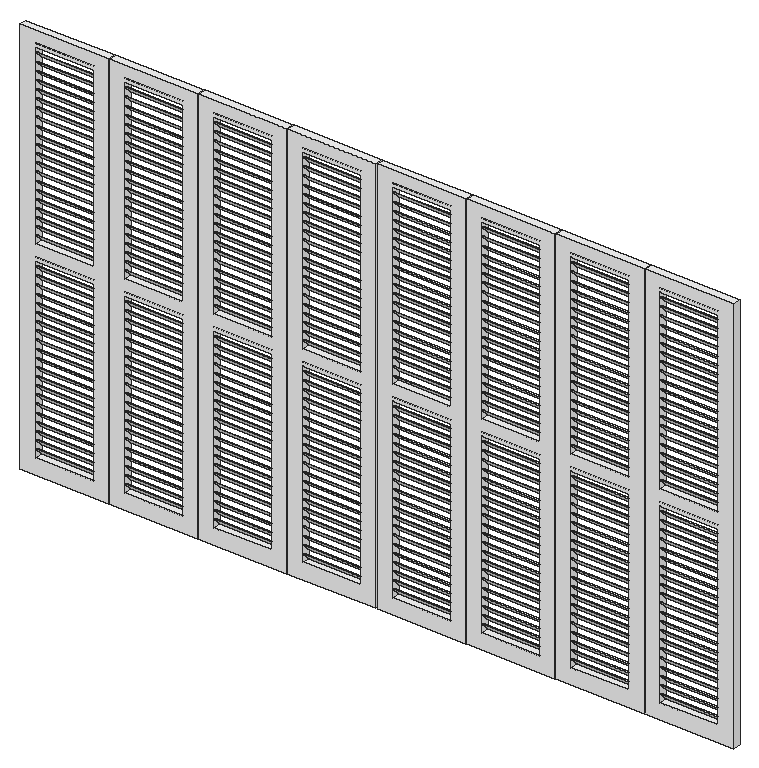
Revit family "WST_A3-Closed-Shutter-2500", category Generic Models, host Wall, Revit 2016
Family settings
  Host = Wall
  Part Type = Normal
  Can host rebar = No
  Round Connector Dimension = Use Diameter
  Always vertical = Yes
  Cut with Voids When Loaded = No
  Shared = No
  Room Calculation Point = No
Parameters (values of type "4655mm Wide")
  Width = 4655 mm
  Height = 2600 mm
  Assembly Code = ""
Reference planes
  plane 1 "Wall": y = 0
  plane 2 "Center (Left/Right)": x = 125
  plane 3 "Back": y = 57.5
  plane 4: x = -2202.5
  plane 5: x = 2452.5
  plane 6: z = 2600
  plane 7: y = 57.5
  plane 8: y = 0
  plane 9: z = 2600
  plane 10: z = 1250
  plane 11: z = 1350
  plane 12: z = 1250
  plane 13: z = 1350
  plane 14: z = 1250
  plane 15: z = 1350
  plane 16: z = 1250
  plane 17: z = 1350
  plane 18: z = 1250
  plane 19: z = 1350
  plane 20: z = 1250
  plane 21: z = 1350
  plane 22: z = 1250
  plane 23: z = 1350
  plane 24: z = 1250
  plane 25: z = 1350
  plane 26: z = 1250
  plane 27: z = 1350
Forms (mm)
  Extrusion 1, solid, material "Timber Shutter - Frame"
    sketch origin (-1411.194, 0, 0) x (-1, 0, 0) y (0, 0, 1)
      loop
        line (211.306, 0) -> (791.306, 0) -> (791.306, 2600) -> (211.306, 2600) -> (211.306, 0)
      loop
        line (311.306, 100) -> (691.306, 100) -> (691.306, 1250) -> (311.306, 1250) -> (311.306, 100)
      loop
        line (691.306, 2500) -> (311.306, 2500) -> (311.306, 1350) -> (691.306, 1350) -> (691.306, 2500)
    from 0 to 50
  Extrusion 2, solid, material "Timber Shutter - Louvre"
    sketch origin (-1722.5, -125, 0) x (0, -1, 0) y (0, 0, 1)
      loop
        line (-175, 100) -> (-125, 150) -> (-128.536, 153.536) -> (-178.536, 103.536) -> (-175, 100)
      loop
        line (-175, 153.536) -> (-125, 203.536) -> (-128.536, 207.071) -> (-178.536, 157.071) -> (-175, 153.536)
      loop
        line (-175, 207.071) -> (-125, 257.071) -> (-128.536, 260.607) -> (-178.536, 210.607) -> (-175, 207.071)
      loop
        line (-175, 260.607) -> (-125, 310.607) -> (-128.536, 314.142) -> (-178.536, 264.142) -> (-175, 260.607)
      loop
        line (-175, 314.142) -> (-125, 364.142) -> (-128.536, 367.678) -> (-178.536, 317.678) -> (-175, 314.142)
      loop
        line (-175, 367.678) -> (-125, 417.678) -> (-128.536, 421.213) -> (-178.536, 371.213) -> (-175, 367.678)
      loop
        line (-175, 421.213) -> (-125, 471.213) -> (-128.536, 474.749) -> (-178.536, 424.749) -> (-175, 421.213)
      loop
        line (-175, 474.749) -> (-125, 524.749) -> (-128.536, 528.284) -> (-178.536, 478.284) -> (-175, 474.749)
      loop
        line (-175, 528.284) -> (-125, 578.284) -> (-128.536, 581.82) -> (-178.536, 531.82) -> (-175, 528.284)
      loop
        line (-175, 581.82) -> (-125, 631.82) -> (-128.536, 635.355) -> (-178.536, 585.355) -> (-175, 581.82)
      loop
        line (-175, 635.355) -> (-125, 685.355) -> (-128.536, 688.891) -> (-178.536, 638.891) -> (-175, 635.355)
      loop
        line (-175, 688.891) -> (-125, 738.891) -> (-128.536, 742.426) -> (-178.536, 692.426) -> (-175, 688.891)
      loop
        line (-175, 742.426) -> (-125, 792.426) -> (-128.536, 795.962) -> (-178.536, 745.962) -> (-175, 742.426)
      loop
        line (-175, 795.962) -> (-125, 845.962) -> (-128.536, 849.497) -> (-178.536, 799.497) -> (-175, 795.962)
      loop
        line (-175, 849.497) -> (-125, 899.497) -> (-128.536, 903.033) -> (-178.536, 853.033) -> (-175, 849.497)
      loop
        line (-175, 903.033) -> (-125, 953.033) -> (-128.536, 956.569) -> (-178.536, 906.569) -> (-175, 903.033)
      loop
        line (-175, 956.569) -> (-125, 1006.569) -> (-128.536, 1010.104) -> (-178.536, 960.104) -> (-175, 956.569)
      loop
        line (-175, 1010.104) -> (-125, 1060.104) -> (-128.536, 1063.64) -> (-178.536, 1013.64) -> (-175, 1010.104)
      loop
        line (-175, 1063.64) -> (-125, 1113.64) -> (-128.536, 1117.175) -> (-178.536, 1067.175) -> (-175, 1063.64)
      loop
        line (-175, 1117.175) -> (-125, 1167.175) -> (-128.536, 1170.711) -> (-178.536, 1120.711) -> (-175, 1117.175)
      loop
        line (-175, 1170.711) -> (-125, 1220.711) -> (-128.536, 1224.246) -> (-178.536, 1174.246) -> (-175, 1170.711)
      loop
        line (-175, 1224.246) -> (-125, 1274.246) -> (-128.536, 1277.782) -> (-178.536, 1227.782) -> (-175, 1224.246)
      loop
        line (-175, 1457.071) -> (-125, 1507.071) -> (-128.536, 1510.607) -> (-178.536, 1460.607) -> (-175, 1457.071)
      loop
        line (-175, 1510.607) -> (-125, 1560.607) -> (-128.536, 1564.142) -> (-178.536, 1514.142) -> (-175, 1510.607)
      loop
        line (-175, 1564.142) -> (-125, 1614.142) -> (-128.536, 1617.678) -> (-178.536, 1567.678) -> (-175, 1564.142)
      loop
        line (-175, 1617.678) -> (-125, 1667.678) -> (-128.536, 1671.213) -> (-178.536, 1621.213) -> (-175, 1617.678)
      loop
        line (-175, 1671.213) -> (-125, 1721.213) -> (-128.536, 1724.749) -> (-178.536, 1674.749) -> (-175, 1671.213)
      loop
        line (-175, 1724.749) -> (-125, 1774.749) -> (-128.536, 1778.284) -> (-178.536, 1728.284) -> (-175, 1724.749)
      loop
        line (-175, 1778.284) -> (-125, 1828.284) -> (-128.536, 1831.82) -> (-178.536, 1781.82) -> (-175, 1778.284)
      loop
        line (-175, 1831.82) -> (-125, 1881.82) -> (-128.536, 1885.355) -> (-178.536, 1835.355) -> (-175, 1831.82)
      loop
        line (-175, 1885.355) -> (-125, 1935.355) -> (-128.536, 1938.891) -> (-178.536, 1888.891) -> (-175, 1885.355)
      loop
        line (-175, 1938.891) -> (-125, 1988.891) -> (-128.536, 1992.426) -> (-178.536, 1942.426) -> (-175, 1938.891)
      loop
        line (-175, 1992.426) -> (-125, 2042.426) -> (-128.536, 2045.962) -> (-178.536, 1995.962) -> (-175, 1992.426)
      loop
        line (-175, 2045.962) -> (-125, 2095.962) -> (-128.536, 2099.497) -> (-178.536, 2049.497) -> (-175, 2045.962)
      loop
        line (-175, 2099.497) -> (-125, 2149.497) -> (-128.536, 2153.033) -> (-178.536, 2103.033) -> (-175, 2099.497)
      loop
        line (-175, 2153.033) -> (-125, 2203.033) -> (-128.536, 2206.569) -> (-178.536, 2156.569) -> (-175, 2153.033)
      loop
        line (-175, 2206.569) -> (-125, 2256.569) -> (-128.536, 2260.104) -> (-178.536, 2210.104) -> (-175, 2206.569)
      loop
        line (-175, 2260.104) -> (-125, 2310.104) -> (-128.536, 2313.64) -> (-178.536, 2263.64) -> (-175, 2260.104)
      loop
        line (-175, 2313.64) -> (-125, 2363.64) -> (-128.536, 2367.175) -> (-178.536, 2317.175) -> (-175, 2313.64)
      loop
        line (-175, 2367.175) -> (-125, 2417.175) -> (-128.536, 2420.711) -> (-178.536, 2370.711) -> (-175, 2367.175)
      loop
        line (-175, 1403.536) -> (-125, 1453.536) -> (-128.536, 1457.071) -> (-178.536, 1407.071) -> (-175, 1403.536)
      loop
        line (-175, 2420.711) -> (-125, 2470.711) -> (-128.536, 2474.246) -> (-178.536, 2424.246) -> (-175, 2420.711)
      loop
        line (-175, 2474.246) -> (-125, 2524.246) -> (-128.536, 2527.782) -> (-178.536, 2477.782) -> (-175, 2474.246)
      loop
        line (-175, 1350) -> (-125, 1400) -> (-128.536, 1403.536) -> (-178.536, 1353.536) -> (-175, 1350)
    from 0 to 380
  Extrusion 3, solid, material "Timber Shutter - Frame", not visible
    sketch origin (305, 0, 0) x (0, 1, 0) y (0, 0, 1)
      loop
        line (211.306, 0) -> (791.306, 0) -> (791.306, 2600) -> (211.306, 2600) -> (211.306, 0)
      loop
        line (311.306, 100) -> (691.306, 100) -> (691.306, 1250) -> (311.306, 1250) -> (311.306, 100)
      loop
        line (691.306, 2500) -> (311.306, 2500) -> (311.306, 1350) -> (691.306, 1350) -> (691.306, 2500)
    from 0 to 50
  Extrusion 4, solid, material "Timber Shutter - Louvre", not visible
    sketch origin (180, 311.306, 0) x (-1, 0, 0) y (0, 0, 1)
      loop
        line (-175, 100) -> (-125, 150) -> (-128.536, 153.536) -> (-178.536, 103.536) -> (-175, 100)
      loop
        line (-175, 153.536) -> (-125, 203.536) -> (-128.536, 207.071) -> (-178.536, 157.071) -> (-175, 153.536)
      loop
        line (-175, 207.071) -> (-125, 257.071) -> (-128.536, 260.607) -> (-178.536, 210.607) -> (-175, 207.071)
      loop
        line (-175, 260.607) -> (-125, 310.607) -> (-128.536, 314.142) -> (-178.536, 264.142) -> (-175, 260.607)
      loop
        line (-175, 314.142) -> (-125, 364.142) -> (-128.536, 367.678) -> (-178.536, 317.678) -> (-175, 314.142)
      loop
        line (-175, 367.678) -> (-125, 417.678) -> (-128.536, 421.213) -> (-178.536, 371.213) -> (-175, 367.678)
      loop
        line (-175, 421.213) -> (-125, 471.213) -> (-128.536, 474.749) -> (-178.536, 424.749) -> (-175, 421.213)
      loop
        line (-175, 474.749) -> (-125, 524.749) -> (-128.536, 528.284) -> (-178.536, 478.284) -> (-175, 474.749)
      loop
        line (-175, 528.284) -> (-125, 578.284) -> (-128.536, 581.82) -> (-178.536, 531.82) -> (-175, 528.284)
      loop
        line (-175, 581.82) -> (-125, 631.82) -> (-128.536, 635.355) -> (-178.536, 585.355) -> (-175, 581.82)
      loop
        line (-175, 635.355) -> (-125, 685.355) -> (-128.536, 688.891) -> (-178.536, 638.891) -> (-175, 635.355)
      loop
        line (-175, 688.891) -> (-125, 738.891) -> (-128.536, 742.426) -> (-178.536, 692.426) -> (-175, 688.891)
      loop
        line (-175, 742.426) -> (-125, 792.426) -> (-128.536, 795.962) -> (-178.536, 745.962) -> (-175, 742.426)
      loop
        line (-175, 795.962) -> (-125, 845.962) -> (-128.536, 849.497) -> (-178.536, 799.497) -> (-175, 795.962)
      loop
        line (-175, 849.497) -> (-125, 899.497) -> (-128.536, 903.033) -> (-178.536, 853.033) -> (-175, 849.497)
      loop
        line (-175, 903.033) -> (-125, 953.033) -> (-128.536, 956.569) -> (-178.536, 906.569) -> (-175, 903.033)
      loop
        line (-175, 956.569) -> (-125, 1006.569) -> (-128.536, 1010.104) -> (-178.536, 960.104) -> (-175, 956.569)
      loop
        line (-175, 1010.104) -> (-125, 1060.104) -> (-128.536, 1063.64) -> (-178.536, 1013.64) -> (-175, 1010.104)
      loop
        line (-175, 1063.64) -> (-125, 1113.64) -> (-128.536, 1117.175) -> (-178.536, 1067.175) -> (-175, 1063.64)
      loop
        line (-175, 1117.175) -> (-125, 1167.175) -> (-128.536, 1170.711) -> (-178.536, 1120.711) -> (-175, 1117.175)
      loop
        line (-175, 1170.711) -> (-125, 1220.711) -> (-128.536, 1224.246) -> (-178.536, 1174.246) -> (-175, 1170.711)
      loop
        line (-175, 1224.246) -> (-125, 1274.246) -> (-128.536, 1277.782) -> (-178.536, 1227.782) -> (-175, 1224.246)
      loop
        line (-175, 1457.071) -> (-125, 1507.071) -> (-128.536, 1510.607) -> (-178.536, 1460.607) -> (-175, 1457.071)
      loop
        line (-175, 1510.607) -> (-125, 1560.607) -> (-128.536, 1564.142) -> (-178.536, 1514.142) -> (-175, 1510.607)
      loop
        line (-175, 1564.142) -> (-125, 1614.142) -> (-128.536, 1617.678) -> (-178.536, 1567.678) -> (-175, 1564.142)
      loop
        line (-175, 1617.678) -> (-125, 1667.678) -> (-128.536, 1671.213) -> (-178.536, 1621.213) -> (-175, 1617.678)
      loop
        line (-175, 1671.213) -> (-125, 1721.213) -> (-128.536, 1724.749) -> (-178.536, 1674.749) -> (-175, 1671.213)
      loop
        line (-175, 1724.749) -> (-125, 1774.749) -> (-128.536, 1778.284) -> (-178.536, 1728.284) -> (-175, 1724.749)
      loop
        line (-175, 1778.284) -> (-125, 1828.284) -> (-128.536, 1831.82) -> (-178.536, 1781.82) -> (-175, 1778.284)
      loop
        line (-175, 1831.82) -> (-125, 1881.82) -> (-128.536, 1885.355) -> (-178.536, 1835.355) -> (-175, 1831.82)
      loop
        line (-175, 1885.355) -> (-125, 1935.355) -> (-128.536, 1938.891) -> (-178.536, 1888.891) -> (-175, 1885.355)
      loop
        line (-175, 1938.891) -> (-125, 1988.891) -> (-128.536, 1992.426) -> (-178.536, 1942.426) -> (-175, 1938.891)
      loop
        line (-175, 1992.426) -> (-125, 2042.426) -> (-128.536, 2045.962) -> (-178.536, 1995.962) -> (-175, 1992.426)
      loop
        line (-175, 2045.962) -> (-125, 2095.962) -> (-128.536, 2099.497) -> (-178.536, 2049.497) -> (-175, 2045.962)
      loop
        line (-175, 2099.497) -> (-125, 2149.497) -> (-128.536, 2153.033) -> (-178.536, 2103.033) -> (-175, 2099.497)
      loop
        line (-175, 2153.033) -> (-125, 2203.033) -> (-128.536, 2206.569) -> (-178.536, 2156.569) -> (-175, 2153.033)
      loop
        line (-175, 2206.569) -> (-125, 2256.569) -> (-128.536, 2260.104) -> (-178.536, 2210.104) -> (-175, 2206.569)
      loop
        line (-175, 2260.104) -> (-125, 2310.104) -> (-128.536, 2313.64) -> (-178.536, 2263.64) -> (-175, 2260.104)
      loop
        line (-175, 2313.64) -> (-125, 2363.64) -> (-128.536, 2367.175) -> (-178.536, 2317.175) -> (-175, 2313.64)
      loop
        line (-175, 2367.175) -> (-125, 2417.175) -> (-128.536, 2420.711) -> (-178.536, 2370.711) -> (-175, 2367.175)
      loop
        line (-175, 1403.536) -> (-125, 1453.536) -> (-128.536, 1457.071) -> (-178.536, 1407.071) -> (-175, 1403.536)
      loop
        line (-175, 2420.711) -> (-125, 2470.711) -> (-128.536, 2474.246) -> (-178.536, 2424.246) -> (-175, 2420.711)
      loop
        line (-175, 2474.246) -> (-125, 2524.246) -> (-128.536, 2527.782) -> (-178.536, 2477.782) -> (-175, 2474.246)
      loop
        line (-175, 1350) -> (-125, 1400) -> (-128.536, 1403.536) -> (-178.536, 1353.536) -> (-175, 1350)
    from 0 to 380
  Extrusion 5, solid, material "Timber Shutter - Frame"
    sketch origin (-830.194, 0, 0) x (-1, 0, 0) y (0, 0, 1)
      loop
        line (211.306, 0) -> (791.306, 0) -> (791.306, 2600) -> (211.306, 2600) -> (211.306, 0)
      loop
        line (311.306, 100) -> (691.306, 100) -> (691.306, 1250) -> (311.306, 1250) -> (311.306, 100)
      loop
        line (691.306, 2500) -> (311.306, 2500) -> (311.306, 1350) -> (691.306, 1350) -> (691.306, 2500)
    from 0 to 50
  Extrusion 6, solid, material "Timber Shutter - Louvre"
    sketch origin (-1141.5, -125, 0) x (0, -1, 0) y (0, 0, 1)
      loop
        line (-175, 100) -> (-125, 150) -> (-128.536, 153.536) -> (-178.536, 103.536) -> (-175, 100)
      loop
        line (-175, 153.536) -> (-125, 203.536) -> (-128.536, 207.071) -> (-178.536, 157.071) -> (-175, 153.536)
      loop
        line (-175, 207.071) -> (-125, 257.071) -> (-128.536, 260.607) -> (-178.536, 210.607) -> (-175, 207.071)
      loop
        line (-175, 260.607) -> (-125, 310.607) -> (-128.536, 314.142) -> (-178.536, 264.142) -> (-175, 260.607)
      loop
        line (-175, 314.142) -> (-125, 364.142) -> (-128.536, 367.678) -> (-178.536, 317.678) -> (-175, 314.142)
      loop
        line (-175, 367.678) -> (-125, 417.678) -> (-128.536, 421.213) -> (-178.536, 371.213) -> (-175, 367.678)
      loop
        line (-175, 421.213) -> (-125, 471.213) -> (-128.536, 474.749) -> (-178.536, 424.749) -> (-175, 421.213)
      loop
        line (-175, 474.749) -> (-125, 524.749) -> (-128.536, 528.284) -> (-178.536, 478.284) -> (-175, 474.749)
      loop
        line (-175, 528.284) -> (-125, 578.284) -> (-128.536, 581.82) -> (-178.536, 531.82) -> (-175, 528.284)
      loop
        line (-175, 581.82) -> (-125, 631.82) -> (-128.536, 635.355) -> (-178.536, 585.355) -> (-175, 581.82)
      loop
        line (-175, 635.355) -> (-125, 685.355) -> (-128.536, 688.891) -> (-178.536, 638.891) -> (-175, 635.355)
      loop
        line (-175, 688.891) -> (-125, 738.891) -> (-128.536, 742.426) -> (-178.536, 692.426) -> (-175, 688.891)
      loop
        line (-175, 742.426) -> (-125, 792.426) -> (-128.536, 795.962) -> (-178.536, 745.962) -> (-175, 742.426)
      loop
        line (-175, 795.962) -> (-125, 845.962) -> (-128.536, 849.497) -> (-178.536, 799.497) -> (-175, 795.962)
      loop
        line (-175, 849.497) -> (-125, 899.497) -> (-128.536, 903.033) -> (-178.536, 853.033) -> (-175, 849.497)
      loop
        line (-175, 903.033) -> (-125, 953.033) -> (-128.536, 956.569) -> (-178.536, 906.569) -> (-175, 903.033)
      loop
        line (-175, 956.569) -> (-125, 1006.569) -> (-128.536, 1010.104) -> (-178.536, 960.104) -> (-175, 956.569)
      loop
        line (-175, 1010.104) -> (-125, 1060.104) -> (-128.536, 1063.64) -> (-178.536, 1013.64) -> (-175, 1010.104)
      loop
        line (-175, 1063.64) -> (-125, 1113.64) -> (-128.536, 1117.175) -> (-178.536, 1067.175) -> (-175, 1063.64)
      loop
        line (-175, 1117.175) -> (-125, 1167.175) -> (-128.536, 1170.711) -> (-178.536, 1120.711) -> (-175, 1117.175)
      loop
        line (-175, 1170.711) -> (-125, 1220.711) -> (-128.536, 1224.246) -> (-178.536, 1174.246) -> (-175, 1170.711)
      loop
        line (-175, 1224.246) -> (-125, 1274.246) -> (-128.536, 1277.782) -> (-178.536, 1227.782) -> (-175, 1224.246)
      loop
        line (-175, 1457.071) -> (-125, 1507.071) -> (-128.536, 1510.607) -> (-178.536, 1460.607) -> (-175, 1457.071)
      loop
        line (-175, 1510.607) -> (-125, 1560.607) -> (-128.536, 1564.142) -> (-178.536, 1514.142) -> (-175, 1510.607)
      loop
        line (-175, 1564.142) -> (-125, 1614.142) -> (-128.536, 1617.678) -> (-178.536, 1567.678) -> (-175, 1564.142)
      loop
        line (-175, 1617.678) -> (-125, 1667.678) -> (-128.536, 1671.213) -> (-178.536, 1621.213) -> (-175, 1617.678)
      loop
        line (-175, 1671.213) -> (-125, 1721.213) -> (-128.536, 1724.749) -> (-178.536, 1674.749) -> (-175, 1671.213)
      loop
        line (-175, 1724.749) -> (-125, 1774.749) -> (-128.536, 1778.284) -> (-178.536, 1728.284) -> (-175, 1724.749)
      loop
        line (-175, 1778.284) -> (-125, 1828.284) -> (-128.536, 1831.82) -> (-178.536, 1781.82) -> (-175, 1778.284)
      loop
        line (-175, 1831.82) -> (-125, 1881.82) -> (-128.536, 1885.355) -> (-178.536, 1835.355) -> (-175, 1831.82)
      loop
        line (-175, 1885.355) -> (-125, 1935.355) -> (-128.536, 1938.891) -> (-178.536, 1888.891) -> (-175, 1885.355)
      loop
        line (-175, 1938.891) -> (-125, 1988.891) -> (-128.536, 1992.426) -> (-178.536, 1942.426) -> (-175, 1938.891)
      loop
        line (-175, 1992.426) -> (-125, 2042.426) -> (-128.536, 2045.962) -> (-178.536, 1995.962) -> (-175, 1992.426)
      loop
        line (-175, 2045.962) -> (-125, 2095.962) -> (-128.536, 2099.497) -> (-178.536, 2049.497) -> (-175, 2045.962)
      loop
        line (-175, 2099.497) -> (-125, 2149.497) -> (-128.536, 2153.033) -> (-178.536, 2103.033) -> (-175, 2099.497)
      loop
        line (-175, 2153.033) -> (-125, 2203.033) -> (-128.536, 2206.569) -> (-178.536, 2156.569) -> (-175, 2153.033)
      loop
        line (-175, 2206.569) -> (-125, 2256.569) -> (-128.536, 2260.104) -> (-178.536, 2210.104) -> (-175, 2206.569)
      loop
        line (-175, 2260.104) -> (-125, 2310.104) -> (-128.536, 2313.64) -> (-178.536, 2263.64) -> (-175, 2260.104)
      loop
        line (-175, 2313.64) -> (-125, 2363.64) -> (-128.536, 2367.175) -> (-178.536, 2317.175) -> (-175, 2313.64)
      loop
        line (-175, 2367.175) -> (-125, 2417.175) -> (-128.536, 2420.711) -> (-178.536, 2370.711) -> (-175, 2367.175)
      loop
        line (-175, 1403.536) -> (-125, 1453.536) -> (-128.536, 1457.071) -> (-178.536, 1407.071) -> (-175, 1403.536)
      loop
        line (-175, 2420.711) -> (-125, 2470.711) -> (-128.536, 2474.246) -> (-178.536, 2424.246) -> (-175, 2420.711)
      loop
        line (-175, 2474.246) -> (-125, 2524.246) -> (-128.536, 2527.782) -> (-178.536, 2477.782) -> (-175, 2474.246)
      loop
        line (-175, 1350) -> (-125, 1400) -> (-128.536, 1403.536) -> (-178.536, 1353.536) -> (-175, 1350)
    from 0 to 380
  Extrusion 7, solid, material "Timber Shutter - Frame"
    sketch origin (-249.194, 0, 0) x (-1, 0, 0) y (0, 0, 1)
      loop
        line (211.306, 0) -> (791.306, 0) -> (791.306, 2600) -> (211.306, 2600) -> (211.306, 0)
      loop
        line (311.306, 100) -> (691.306, 100) -> (691.306, 1250) -> (311.306, 1250) -> (311.306, 100)
      loop
        line (691.306, 2500) -> (311.306, 2500) -> (311.306, 1350) -> (691.306, 1350) -> (691.306, 2500)
    from 0 to 50
  Extrusion 8, solid, material "Timber Shutter - Louvre"
    sketch origin (-560.5, -125, 0) x (0, -1, 0) y (0, 0, 1)
      loop
        line (-175, 100) -> (-125, 150) -> (-128.536, 153.536) -> (-178.536, 103.536) -> (-175, 100)
      loop
        line (-175, 153.536) -> (-125, 203.536) -> (-128.536, 207.071) -> (-178.536, 157.071) -> (-175, 153.536)
      loop
        line (-175, 207.071) -> (-125, 257.071) -> (-128.536, 260.607) -> (-178.536, 210.607) -> (-175, 207.071)
      loop
        line (-175, 260.607) -> (-125, 310.607) -> (-128.536, 314.142) -> (-178.536, 264.142) -> (-175, 260.607)
      loop
        line (-175, 314.142) -> (-125, 364.142) -> (-128.536, 367.678) -> (-178.536, 317.678) -> (-175, 314.142)
      loop
        line (-175, 367.678) -> (-125, 417.678) -> (-128.536, 421.213) -> (-178.536, 371.213) -> (-175, 367.678)
      loop
        line (-175, 421.213) -> (-125, 471.213) -> (-128.536, 474.749) -> (-178.536, 424.749) -> (-175, 421.213)
      loop
        line (-175, 474.749) -> (-125, 524.749) -> (-128.536, 528.284) -> (-178.536, 478.284) -> (-175, 474.749)
      loop
        line (-175, 528.284) -> (-125, 578.284) -> (-128.536, 581.82) -> (-178.536, 531.82) -> (-175, 528.284)
      loop
        line (-175, 581.82) -> (-125, 631.82) -> (-128.536, 635.355) -> (-178.536, 585.355) -> (-175, 581.82)
      loop
        line (-175, 635.355) -> (-125, 685.355) -> (-128.536, 688.891) -> (-178.536, 638.891) -> (-175, 635.355)
      loop
        line (-175, 688.891) -> (-125, 738.891) -> (-128.536, 742.426) -> (-178.536, 692.426) -> (-175, 688.891)
      loop
        line (-175, 742.426) -> (-125, 792.426) -> (-128.536, 795.962) -> (-178.536, 745.962) -> (-175, 742.426)
      loop
        line (-175, 795.962) -> (-125, 845.962) -> (-128.536, 849.497) -> (-178.536, 799.497) -> (-175, 795.962)
      loop
        line (-175, 849.497) -> (-125, 899.497) -> (-128.536, 903.033) -> (-178.536, 853.033) -> (-175, 849.497)
      loop
        line (-175, 903.033) -> (-125, 953.033) -> (-128.536, 956.569) -> (-178.536, 906.569) -> (-175, 903.033)
      loop
        line (-175, 956.569) -> (-125, 1006.569) -> (-128.536, 1010.104) -> (-178.536, 960.104) -> (-175, 956.569)
      loop
        line (-175, 1010.104) -> (-125, 1060.104) -> (-128.536, 1063.64) -> (-178.536, 1013.64) -> (-175, 1010.104)
      loop
        line (-175, 1063.64) -> (-125, 1113.64) -> (-128.536, 1117.175) -> (-178.536, 1067.175) -> (-175, 1063.64)
      loop
        line (-175, 1117.175) -> (-125, 1167.175) -> (-128.536, 1170.711) -> (-178.536, 1120.711) -> (-175, 1117.175)
      loop
        line (-175, 1170.711) -> (-125, 1220.711) -> (-128.536, 1224.246) -> (-178.536, 1174.246) -> (-175, 1170.711)
      loop
        line (-175, 1224.246) -> (-125, 1274.246) -> (-128.536, 1277.782) -> (-178.536, 1227.782) -> (-175, 1224.246)
      loop
        line (-175, 1457.071) -> (-125, 1507.071) -> (-128.536, 1510.607) -> (-178.536, 1460.607) -> (-175, 1457.071)
      loop
        line (-175, 1510.607) -> (-125, 1560.607) -> (-128.536, 1564.142) -> (-178.536, 1514.142) -> (-175, 1510.607)
      loop
        line (-175, 1564.142) -> (-125, 1614.142) -> (-128.536, 1617.678) -> (-178.536, 1567.678) -> (-175, 1564.142)
      loop
        line (-175, 1617.678) -> (-125, 1667.678) -> (-128.536, 1671.213) -> (-178.536, 1621.213) -> (-175, 1617.678)
      loop
        line (-175, 1671.213) -> (-125, 1721.213) -> (-128.536, 1724.749) -> (-178.536, 1674.749) -> (-175, 1671.213)
      loop
        line (-175, 1724.749) -> (-125, 1774.749) -> (-128.536, 1778.284) -> (-178.536, 1728.284) -> (-175, 1724.749)
      loop
        line (-175, 1778.284) -> (-125, 1828.284) -> (-128.536, 1831.82) -> (-178.536, 1781.82) -> (-175, 1778.284)
      loop
        line (-175, 1831.82) -> (-125, 1881.82) -> (-128.536, 1885.355) -> (-178.536, 1835.355) -> (-175, 1831.82)
      loop
        line (-175, 1885.355) -> (-125, 1935.355) -> (-128.536, 1938.891) -> (-178.536, 1888.891) -> (-175, 1885.355)
      loop
        line (-175, 1938.891) -> (-125, 1988.891) -> (-128.536, 1992.426) -> (-178.536, 1942.426) -> (-175, 1938.891)
      loop
        line (-175, 1992.426) -> (-125, 2042.426) -> (-128.536, 2045.962) -> (-178.536, 1995.962) -> (-175, 1992.426)
      loop
        line (-175, 2045.962) -> (-125, 2095.962) -> (-128.536, 2099.497) -> (-178.536, 2049.497) -> (-175, 2045.962)
      loop
        line (-175, 2099.497) -> (-125, 2149.497) -> (-128.536, 2153.033) -> (-178.536, 2103.033) -> (-175, 2099.497)
      loop
        line (-175, 2153.033) -> (-125, 2203.033) -> (-128.536, 2206.569) -> (-178.536, 2156.569) -> (-175, 2153.033)
      loop
        line (-175, 2206.569) -> (-125, 2256.569) -> (-128.536, 2260.104) -> (-178.536, 2210.104) -> (-175, 2206.569)
      loop
        line (-175, 2260.104) -> (-125, 2310.104) -> (-128.536, 2313.64) -> (-178.536, 2263.64) -> (-175, 2260.104)
      loop
        line (-175, 2313.64) -> (-125, 2363.64) -> (-128.536, 2367.175) -> (-178.536, 2317.175) -> (-175, 2313.64)
      loop
        line (-175, 2367.175) -> (-125, 2417.175) -> (-128.536, 2420.711) -> (-178.536, 2370.711) -> (-175, 2367.175)
      loop
        line (-175, 1403.536) -> (-125, 1453.536) -> (-128.536, 1457.071) -> (-178.536, 1407.071) -> (-175, 1403.536)
      loop
        line (-175, 2420.711) -> (-125, 2470.711) -> (-128.536, 2474.246) -> (-178.536, 2424.246) -> (-175, 2420.711)
      loop
        line (-175, 2474.246) -> (-125, 2524.246) -> (-128.536, 2527.782) -> (-178.536, 2477.782) -> (-175, 2474.246)
      loop
        line (-175, 1350) -> (-125, 1400) -> (-128.536, 1403.536) -> (-178.536, 1353.536) -> (-175, 1350)
    from 0 to 380
  Extrusion 9, solid, material "Timber Shutter - Frame"
    sketch origin (331.806, 0, 0) x (-1, 0, 0) y (0, 0, 1)
      loop
        line (211.306, 0) -> (791.306, 0) -> (791.306, 2600) -> (211.306, 2600) -> (211.306, 0)
      loop
        line (311.306, 100) -> (691.306, 100) -> (691.306, 1250) -> (311.306, 1250) -> (311.306, 100)
      loop
        line (691.306, 2500) -> (311.306, 2500) -> (311.306, 1350) -> (691.306, 1350) -> (691.306, 2500)
    from 0 to 50
  Extrusion 10, solid, material "Timber Shutter - Louvre"
    sketch origin (20.5, -125, 0) x (0, -1, 0) y (0, 0, 1)
      loop
        line (-175, 100) -> (-125, 150) -> (-128.536, 153.536) -> (-178.536, 103.536) -> (-175, 100)
      loop
        line (-175, 153.536) -> (-125, 203.536) -> (-128.536, 207.071) -> (-178.536, 157.071) -> (-175, 153.536)
      loop
        line (-175, 207.071) -> (-125, 257.071) -> (-128.536, 260.607) -> (-178.536, 210.607) -> (-175, 207.071)
      loop
        line (-175, 260.607) -> (-125, 310.607) -> (-128.536, 314.142) -> (-178.536, 264.142) -> (-175, 260.607)
      loop
        line (-175, 314.142) -> (-125, 364.142) -> (-128.536, 367.678) -> (-178.536, 317.678) -> (-175, 314.142)
      loop
        line (-175, 367.678) -> (-125, 417.678) -> (-128.536, 421.213) -> (-178.536, 371.213) -> (-175, 367.678)
      loop
        line (-175, 421.213) -> (-125, 471.213) -> (-128.536, 474.749) -> (-178.536, 424.749) -> (-175, 421.213)
      loop
        line (-175, 474.749) -> (-125, 524.749) -> (-128.536, 528.284) -> (-178.536, 478.284) -> (-175, 474.749)
      loop
        line (-175, 528.284) -> (-125, 578.284) -> (-128.536, 581.82) -> (-178.536, 531.82) -> (-175, 528.284)
      loop
        line (-175, 581.82) -> (-125, 631.82) -> (-128.536, 635.355) -> (-178.536, 585.355) -> (-175, 581.82)
      loop
        line (-175, 635.355) -> (-125, 685.355) -> (-128.536, 688.891) -> (-178.536, 638.891) -> (-175, 635.355)
      loop
        line (-175, 688.891) -> (-125, 738.891) -> (-128.536, 742.426) -> (-178.536, 692.426) -> (-175, 688.891)
      loop
        line (-175, 742.426) -> (-125, 792.426) -> (-128.536, 795.962) -> (-178.536, 745.962) -> (-175, 742.426)
      loop
        line (-175, 795.962) -> (-125, 845.962) -> (-128.536, 849.497) -> (-178.536, 799.497) -> (-175, 795.962)
      loop
        line (-175, 849.497) -> (-125, 899.497) -> (-128.536, 903.033) -> (-178.536, 853.033) -> (-175, 849.497)
      loop
        line (-175, 903.033) -> (-125, 953.033) -> (-128.536, 956.569) -> (-178.536, 906.569) -> (-175, 903.033)
      loop
        line (-175, 956.569) -> (-125, 1006.569) -> (-128.536, 1010.104) -> (-178.536, 960.104) -> (-175, 956.569)
      loop
        line (-175, 1010.104) -> (-125, 1060.104) -> (-128.536, 1063.64) -> (-178.536, 1013.64) -> (-175, 1010.104)
      loop
        line (-175, 1063.64) -> (-125, 1113.64) -> (-128.536, 1117.175) -> (-178.536, 1067.175) -> (-175, 1063.64)
      loop
        line (-175, 1117.175) -> (-125, 1167.175) -> (-128.536, 1170.711) -> (-178.536, 1120.711) -> (-175, 1117.175)
      loop
        line (-175, 1170.711) -> (-125, 1220.711) -> (-128.536, 1224.246) -> (-178.536, 1174.246) -> (-175, 1170.711)
      loop
        line (-175, 1224.246) -> (-125, 1274.246) -> (-128.536, 1277.782) -> (-178.536, 1227.782) -> (-175, 1224.246)
      loop
        line (-175, 1457.071) -> (-125, 1507.071) -> (-128.536, 1510.607) -> (-178.536, 1460.607) -> (-175, 1457.071)
      loop
        line (-175, 1510.607) -> (-125, 1560.607) -> (-128.536, 1564.142) -> (-178.536, 1514.142) -> (-175, 1510.607)
      loop
        line (-175, 1564.142) -> (-125, 1614.142) -> (-128.536, 1617.678) -> (-178.536, 1567.678) -> (-175, 1564.142)
      loop
        line (-175, 1617.678) -> (-125, 1667.678) -> (-128.536, 1671.213) -> (-178.536, 1621.213) -> (-175, 1617.678)
      loop
        line (-175, 1671.213) -> (-125, 1721.213) -> (-128.536, 1724.749) -> (-178.536, 1674.749) -> (-175, 1671.213)
      loop
        line (-175, 1724.749) -> (-125, 1774.749) -> (-128.536, 1778.284) -> (-178.536, 1728.284) -> (-175, 1724.749)
      loop
        line (-175, 1778.284) -> (-125, 1828.284) -> (-128.536, 1831.82) -> (-178.536, 1781.82) -> (-175, 1778.284)
      loop
        line (-175, 1831.82) -> (-125, 1881.82) -> (-128.536, 1885.355) -> (-178.536, 1835.355) -> (-175, 1831.82)
      loop
        line (-175, 1885.355) -> (-125, 1935.355) -> (-128.536, 1938.891) -> (-178.536, 1888.891) -> (-175, 1885.355)
      loop
        line (-175, 1938.891) -> (-125, 1988.891) -> (-128.536, 1992.426) -> (-178.536, 1942.426) -> (-175, 1938.891)
      loop
        line (-175, 1992.426) -> (-125, 2042.426) -> (-128.536, 2045.962) -> (-178.536, 1995.962) -> (-175, 1992.426)
      loop
        line (-175, 2045.962) -> (-125, 2095.962) -> (-128.536, 2099.497) -> (-178.536, 2049.497) -> (-175, 2045.962)
      loop
        line (-175, 2099.497) -> (-125, 2149.497) -> (-128.536, 2153.033) -> (-178.536, 2103.033) -> (-175, 2099.497)
      loop
        line (-175, 2153.033) -> (-125, 2203.033) -> (-128.536, 2206.569) -> (-178.536, 2156.569) -> (-175, 2153.033)
      loop
        line (-175, 2206.569) -> (-125, 2256.569) -> (-128.536, 2260.104) -> (-178.536, 2210.104) -> (-175, 2206.569)
      loop
        line (-175, 2260.104) -> (-125, 2310.104) -> (-128.536, 2313.64) -> (-178.536, 2263.64) -> (-175, 2260.104)
      loop
        line (-175, 2313.64) -> (-125, 2363.64) -> (-128.536, 2367.175) -> (-178.536, 2317.175) -> (-175, 2313.64)
      loop
        line (-175, 2367.175) -> (-125, 2417.175) -> (-128.536, 2420.711) -> (-178.536, 2370.711) -> (-175, 2367.175)
      loop
        line (-175, 1403.536) -> (-125, 1453.536) -> (-128.536, 1457.071) -> (-178.536, 1407.071) -> (-175, 1403.536)
      loop
        line (-175, 2420.711) -> (-125, 2470.711) -> (-128.536, 2474.246) -> (-178.536, 2424.246) -> (-175, 2420.711)
      loop
        line (-175, 2474.246) -> (-125, 2524.246) -> (-128.536, 2527.782) -> (-178.536, 2477.782) -> (-175, 2474.246)
      loop
        line (-175, 1350) -> (-125, 1400) -> (-128.536, 1403.536) -> (-178.536, 1353.536) -> (-175, 1350)
    from 0 to 380
  Extrusion 11, solid, material "Timber Shutter - Frame"
    sketch origin (920.806, 0, 0) x (-1, 0, 0) y (0, 0, 1)
      loop
        line (211.306, 0) -> (791.306, 0) -> (791.306, 2600) -> (211.306, 2600) -> (211.306, 0)
      loop
        line (311.306, 100) -> (691.306, 100) -> (691.306, 1250) -> (311.306, 1250) -> (311.306, 100)
      loop
        line (691.306, 2500) -> (311.306, 2500) -> (311.306, 1350) -> (691.306, 1350) -> (691.306, 2500)
    from 0 to 50
  Extrusion 12, solid, material "Timber Shutter - Louvre"
    sketch origin (609.5, -125, 0) x (0, -1, 0) y (0, 0, 1)
      loop
        line (-175, 100) -> (-125, 150) -> (-128.536, 153.536) -> (-178.536, 103.536) -> (-175, 100)
      loop
        line (-175, 153.536) -> (-125, 203.536) -> (-128.536, 207.071) -> (-178.536, 157.071) -> (-175, 153.536)
      loop
        line (-175, 207.071) -> (-125, 257.071) -> (-128.536, 260.607) -> (-178.536, 210.607) -> (-175, 207.071)
      loop
        line (-175, 260.607) -> (-125, 310.607) -> (-128.536, 314.142) -> (-178.536, 264.142) -> (-175, 260.607)
      loop
        line (-175, 314.142) -> (-125, 364.142) -> (-128.536, 367.678) -> (-178.536, 317.678) -> (-175, 314.142)
      loop
        line (-175, 367.678) -> (-125, 417.678) -> (-128.536, 421.213) -> (-178.536, 371.213) -> (-175, 367.678)
      loop
        line (-175, 421.213) -> (-125, 471.213) -> (-128.536, 474.749) -> (-178.536, 424.749) -> (-175, 421.213)
      loop
        line (-175, 474.749) -> (-125, 524.749) -> (-128.536, 528.284) -> (-178.536, 478.284) -> (-175, 474.749)
      loop
        line (-175, 528.284) -> (-125, 578.284) -> (-128.536, 581.82) -> (-178.536, 531.82) -> (-175, 528.284)
      loop
        line (-175, 581.82) -> (-125, 631.82) -> (-128.536, 635.355) -> (-178.536, 585.355) -> (-175, 581.82)
      loop
        line (-175, 635.355) -> (-125, 685.355) -> (-128.536, 688.891) -> (-178.536, 638.891) -> (-175, 635.355)
      loop
        line (-175, 688.891) -> (-125, 738.891) -> (-128.536, 742.426) -> (-178.536, 692.426) -> (-175, 688.891)
      loop
        line (-175, 742.426) -> (-125, 792.426) -> (-128.536, 795.962) -> (-178.536, 745.962) -> (-175, 742.426)
      loop
        line (-175, 795.962) -> (-125, 845.962) -> (-128.536, 849.497) -> (-178.536, 799.497) -> (-175, 795.962)
      loop
        line (-175, 849.497) -> (-125, 899.497) -> (-128.536, 903.033) -> (-178.536, 853.033) -> (-175, 849.497)
      loop
        line (-175, 903.033) -> (-125, 953.033) -> (-128.536, 956.569) -> (-178.536, 906.569) -> (-175, 903.033)
      loop
        line (-175, 956.569) -> (-125, 1006.569) -> (-128.536, 1010.104) -> (-178.536, 960.104) -> (-175, 956.569)
      loop
        line (-175, 1010.104) -> (-125, 1060.104) -> (-128.536, 1063.64) -> (-178.536, 1013.64) -> (-175, 1010.104)
      loop
        line (-175, 1063.64) -> (-125, 1113.64) -> (-128.536, 1117.175) -> (-178.536, 1067.175) -> (-175, 1063.64)
      loop
        line (-175, 1117.175) -> (-125, 1167.175) -> (-128.536, 1170.711) -> (-178.536, 1120.711) -> (-175, 1117.175)
      loop
        line (-175, 1170.711) -> (-125, 1220.711) -> (-128.536, 1224.246) -> (-178.536, 1174.246) -> (-175, 1170.711)
      loop
        line (-175, 1224.246) -> (-125, 1274.246) -> (-128.536, 1277.782) -> (-178.536, 1227.782) -> (-175, 1224.246)
      loop
        line (-175, 1457.071) -> (-125, 1507.071) -> (-128.536, 1510.607) -> (-178.536, 1460.607) -> (-175, 1457.071)
      loop
        line (-175, 1510.607) -> (-125, 1560.607) -> (-128.536, 1564.142) -> (-178.536, 1514.142) -> (-175, 1510.607)
      loop
        line (-175, 1564.142) -> (-125, 1614.142) -> (-128.536, 1617.678) -> (-178.536, 1567.678) -> (-175, 1564.142)
      loop
        line (-175, 1617.678) -> (-125, 1667.678) -> (-128.536, 1671.213) -> (-178.536, 1621.213) -> (-175, 1617.678)
      loop
        line (-175, 1671.213) -> (-125, 1721.213) -> (-128.536, 1724.749) -> (-178.536, 1674.749) -> (-175, 1671.213)
      loop
        line (-175, 1724.749) -> (-125, 1774.749) -> (-128.536, 1778.284) -> (-178.536, 1728.284) -> (-175, 1724.749)
      loop
        line (-175, 1778.284) -> (-125, 1828.284) -> (-128.536, 1831.82) -> (-178.536, 1781.82) -> (-175, 1778.284)
      loop
        line (-175, 1831.82) -> (-125, 1881.82) -> (-128.536, 1885.355) -> (-178.536, 1835.355) -> (-175, 1831.82)
      loop
        line (-175, 1885.355) -> (-125, 1935.355) -> (-128.536, 1938.891) -> (-178.536, 1888.891) -> (-175, 1885.355)
      loop
        line (-175, 1938.891) -> (-125, 1988.891) -> (-128.536, 1992.426) -> (-178.536, 1942.426) -> (-175, 1938.891)
      loop
        line (-175, 1992.426) -> (-125, 2042.426) -> (-128.536, 2045.962) -> (-178.536, 1995.962) -> (-175, 1992.426)
      loop
        line (-175, 2045.962) -> (-125, 2095.962) -> (-128.536, 2099.497) -> (-178.536, 2049.497) -> (-175, 2045.962)
      loop
        line (-175, 2099.497) -> (-125, 2149.497) -> (-128.536, 2153.033) -> (-178.536, 2103.033) -> (-175, 2099.497)
      loop
        line (-175, 2153.033) -> (-125, 2203.033) -> (-128.536, 2206.569) -> (-178.536, 2156.569) -> (-175, 2153.033)
      loop
        line (-175, 2206.569) -> (-125, 2256.569) -> (-128.536, 2260.104) -> (-178.536, 2210.104) -> (-175, 2206.569)
      loop
        line (-175, 2260.104) -> (-125, 2310.104) -> (-128.536, 2313.64) -> (-178.536, 2263.64) -> (-175, 2260.104)
      loop
        line (-175, 2313.64) -> (-125, 2363.64) -> (-128.536, 2367.175) -> (-178.536, 2317.175) -> (-175, 2313.64)
      loop
        line (-175, 2367.175) -> (-125, 2417.175) -> (-128.536, 2420.711) -> (-178.536, 2370.711) -> (-175, 2367.175)
      loop
        line (-175, 1403.536) -> (-125, 1453.536) -> (-128.536, 1457.071) -> (-178.536, 1407.071) -> (-175, 1403.536)
      loop
        line (-175, 2420.711) -> (-125, 2470.711) -> (-128.536, 2474.246) -> (-178.536, 2424.246) -> (-175, 2420.711)
      loop
        line (-175, 2474.246) -> (-125, 2524.246) -> (-128.536, 2527.782) -> (-178.536, 2477.782) -> (-175, 2474.246)
      loop
        line (-175, 1350) -> (-125, 1400) -> (-128.536, 1403.536) -> (-178.536, 1353.536) -> (-175, 1350)
    from 0 to 380
  Extrusion 13, solid, material "Timber Shutter - Frame"
    sketch origin (1501.806, 0, 0) x (-1, 0, 0) y (0, 0, 1)
      loop
        line (211.306, 0) -> (791.306, 0) -> (791.306, 2600) -> (211.306, 2600) -> (211.306, 0)
      loop
        line (311.306, 100) -> (691.306, 100) -> (691.306, 1250) -> (311.306, 1250) -> (311.306, 100)
      loop
        line (691.306, 2500) -> (311.306, 2500) -> (311.306, 1350) -> (691.306, 1350) -> (691.306, 2500)
    from 0 to 50
  Extrusion 14, solid, material "Timber Shutter - Louvre"
    sketch origin (1190.5, -125, 0) x (0, -1, 0) y (0, 0, 1)
      loop
        line (-175, 100) -> (-125, 150) -> (-128.536, 153.536) -> (-178.536, 103.536) -> (-175, 100)
      loop
        line (-175, 153.536) -> (-125, 203.536) -> (-128.536, 207.071) -> (-178.536, 157.071) -> (-175, 153.536)
      loop
        line (-175, 207.071) -> (-125, 257.071) -> (-128.536, 260.607) -> (-178.536, 210.607) -> (-175, 207.071)
      loop
        line (-175, 260.607) -> (-125, 310.607) -> (-128.536, 314.142) -> (-178.536, 264.142) -> (-175, 260.607)
      loop
        line (-175, 314.142) -> (-125, 364.142) -> (-128.536, 367.678) -> (-178.536, 317.678) -> (-175, 314.142)
      loop
        line (-175, 367.678) -> (-125, 417.678) -> (-128.536, 421.213) -> (-178.536, 371.213) -> (-175, 367.678)
      loop
        line (-175, 421.213) -> (-125, 471.213) -> (-128.536, 474.749) -> (-178.536, 424.749) -> (-175, 421.213)
      loop
        line (-175, 474.749) -> (-125, 524.749) -> (-128.536, 528.284) -> (-178.536, 478.284) -> (-175, 474.749)
      loop
        line (-175, 528.284) -> (-125, 578.284) -> (-128.536, 581.82) -> (-178.536, 531.82) -> (-175, 528.284)
      loop
        line (-175, 581.82) -> (-125, 631.82) -> (-128.536, 635.355) -> (-178.536, 585.355) -> (-175, 581.82)
      loop
        line (-175, 635.355) -> (-125, 685.355) -> (-128.536, 688.891) -> (-178.536, 638.891) -> (-175, 635.355)
      loop
        line (-175, 688.891) -> (-125, 738.891) -> (-128.536, 742.426) -> (-178.536, 692.426) -> (-175, 688.891)
      loop
        line (-175, 742.426) -> (-125, 792.426) -> (-128.536, 795.962) -> (-178.536, 745.962) -> (-175, 742.426)
      loop
        line (-175, 795.962) -> (-125, 845.962) -> (-128.536, 849.497) -> (-178.536, 799.497) -> (-175, 795.962)
      loop
        line (-175, 849.497) -> (-125, 899.497) -> (-128.536, 903.033) -> (-178.536, 853.033) -> (-175, 849.497)
      loop
        line (-175, 903.033) -> (-125, 953.033) -> (-128.536, 956.569) -> (-178.536, 906.569) -> (-175, 903.033)
      loop
        line (-175, 956.569) -> (-125, 1006.569) -> (-128.536, 1010.104) -> (-178.536, 960.104) -> (-175, 956.569)
      loop
        line (-175, 1010.104) -> (-125, 1060.104) -> (-128.536, 1063.64) -> (-178.536, 1013.64) -> (-175, 1010.104)
      loop
        line (-175, 1063.64) -> (-125, 1113.64) -> (-128.536, 1117.175) -> (-178.536, 1067.175) -> (-175, 1063.64)
      loop
        line (-175, 1117.175) -> (-125, 1167.175) -> (-128.536, 1170.711) -> (-178.536, 1120.711) -> (-175, 1117.175)
      loop
        line (-175, 1170.711) -> (-125, 1220.711) -> (-128.536, 1224.246) -> (-178.536, 1174.246) -> (-175, 1170.711)
      loop
        line (-175, 1224.246) -> (-125, 1274.246) -> (-128.536, 1277.782) -> (-178.536, 1227.782) -> (-175, 1224.246)
      loop
        line (-175, 1457.071) -> (-125, 1507.071) -> (-128.536, 1510.607) -> (-178.536, 1460.607) -> (-175, 1457.071)
      loop
        line (-175, 1510.607) -> (-125, 1560.607) -> (-128.536, 1564.142) -> (-178.536, 1514.142) -> (-175, 1510.607)
      loop
        line (-175, 1564.142) -> (-125, 1614.142) -> (-128.536, 1617.678) -> (-178.536, 1567.678) -> (-175, 1564.142)
      loop
        line (-175, 1617.678) -> (-125, 1667.678) -> (-128.536, 1671.213) -> (-178.536, 1621.213) -> (-175, 1617.678)
      loop
        line (-175, 1671.213) -> (-125, 1721.213) -> (-128.536, 1724.749) -> (-178.536, 1674.749) -> (-175, 1671.213)
      loop
        line (-175, 1724.749) -> (-125, 1774.749) -> (-128.536, 1778.284) -> (-178.536, 1728.284) -> (-175, 1724.749)
      loop
        line (-175, 1778.284) -> (-125, 1828.284) -> (-128.536, 1831.82) -> (-178.536, 1781.82) -> (-175, 1778.284)
      loop
        line (-175, 1831.82) -> (-125, 1881.82) -> (-128.536, 1885.355) -> (-178.536, 1835.355) -> (-175, 1831.82)
      loop
        line (-175, 1885.355) -> (-125, 1935.355) -> (-128.536, 1938.891) -> (-178.536, 1888.891) -> (-175, 1885.355)
      loop
        line (-175, 1938.891) -> (-125, 1988.891) -> (-128.536, 1992.426) -> (-178.536, 1942.426) -> (-175, 1938.891)
      loop
        line (-175, 1992.426) -> (-125, 2042.426) -> (-128.536, 2045.962) -> (-178.536, 1995.962) -> (-175, 1992.426)
      loop
        line (-175, 2045.962) -> (-125, 2095.962) -> (-128.536, 2099.497) -> (-178.536, 2049.497) -> (-175, 2045.962)
      loop
        line (-175, 2099.497) -> (-125, 2149.497) -> (-128.536, 2153.033) -> (-178.536, 2103.033) -> (-175, 2099.497)
      loop
        line (-175, 2153.033) -> (-125, 2203.033) -> (-128.536, 2206.569) -> (-178.536, 2156.569) -> (-175, 2153.033)
      loop
        line (-175, 2206.569) -> (-125, 2256.569) -> (-128.536, 2260.104) -> (-178.536, 2210.104) -> (-175, 2206.569)
      loop
        line (-175, 2260.104) -> (-125, 2310.104) -> (-128.536, 2313.64) -> (-178.536, 2263.64) -> (-175, 2260.104)
      loop
        line (-175, 2313.64) -> (-125, 2363.64) -> (-128.536, 2367.175) -> (-178.536, 2317.175) -> (-175, 2313.64)
      loop
        line (-175, 2367.175) -> (-125, 2417.175) -> (-128.536, 2420.711) -> (-178.536, 2370.711) -> (-175, 2367.175)
      loop
        line (-175, 1403.536) -> (-125, 1453.536) -> (-128.536, 1457.071) -> (-178.536, 1407.071) -> (-175, 1403.536)
      loop
        line (-175, 2420.711) -> (-125, 2470.711) -> (-128.536, 2474.246) -> (-178.536, 2424.246) -> (-175, 2420.711)
      loop
        line (-175, 2474.246) -> (-125, 2524.246) -> (-128.536, 2527.782) -> (-178.536, 2477.782) -> (-175, 2474.246)
      loop
        line (-175, 1350) -> (-125, 1400) -> (-128.536, 1403.536) -> (-178.536, 1353.536) -> (-175, 1350)
    from 0 to 380
  Extrusion 15, solid, material "Timber Shutter - Frame"
    sketch origin (2082.806, 0, 0) x (-1, 0, 0) y (0, 0, 1)
      loop
        line (211.306, 0) -> (791.306, 0) -> (791.306, 2600) -> (211.306, 2600) -> (211.306, 0)
      loop
        line (311.306, 100) -> (691.306, 100) -> (691.306, 1250) -> (311.306, 1250) -> (311.306, 100)
      loop
        line (691.306, 2500) -> (311.306, 2500) -> (311.306, 1350) -> (691.306, 1350) -> (691.306, 2500)
    from 0 to 50
  Extrusion 16, solid, material "Timber Shutter - Louvre"
    sketch origin (1771.5, -125, 0) x (0, -1, 0) y (0, 0, 1)
      loop
        line (-175, 100) -> (-125, 150) -> (-128.536, 153.536) -> (-178.536, 103.536) -> (-175, 100)
      loop
        line (-175, 153.536) -> (-125, 203.536) -> (-128.536, 207.071) -> (-178.536, 157.071) -> (-175, 153.536)
      loop
        line (-175, 207.071) -> (-125, 257.071) -> (-128.536, 260.607) -> (-178.536, 210.607) -> (-175, 207.071)
      loop
        line (-175, 260.607) -> (-125, 310.607) -> (-128.536, 314.142) -> (-178.536, 264.142) -> (-175, 260.607)
      loop
        line (-175, 314.142) -> (-125, 364.142) -> (-128.536, 367.678) -> (-178.536, 317.678) -> (-175, 314.142)
      loop
        line (-175, 367.678) -> (-125, 417.678) -> (-128.536, 421.213) -> (-178.536, 371.213) -> (-175, 367.678)
      loop
        line (-175, 421.213) -> (-125, 471.213) -> (-128.536, 474.749) -> (-178.536, 424.749) -> (-175, 421.213)
      loop
        line (-175, 474.749) -> (-125, 524.749) -> (-128.536, 528.284) -> (-178.536, 478.284) -> (-175, 474.749)
      loop
        line (-175, 528.284) -> (-125, 578.284) -> (-128.536, 581.82) -> (-178.536, 531.82) -> (-175, 528.284)
      loop
        line (-175, 581.82) -> (-125, 631.82) -> (-128.536, 635.355) -> (-178.536, 585.355) -> (-175, 581.82)
      loop
        line (-175, 635.355) -> (-125, 685.355) -> (-128.536, 688.891) -> (-178.536, 638.891) -> (-175, 635.355)
      loop
        line (-175, 688.891) -> (-125, 738.891) -> (-128.536, 742.426) -> (-178.536, 692.426) -> (-175, 688.891)
      loop
        line (-175, 742.426) -> (-125, 792.426) -> (-128.536, 795.962) -> (-178.536, 745.962) -> (-175, 742.426)
      loop
        line (-175, 795.962) -> (-125, 845.962) -> (-128.536, 849.497) -> (-178.536, 799.497) -> (-175, 795.962)
      loop
        line (-175, 849.497) -> (-125, 899.497) -> (-128.536, 903.033) -> (-178.536, 853.033) -> (-175, 849.497)
      loop
        line (-175, 903.033) -> (-125, 953.033) -> (-128.536, 956.569) -> (-178.536, 906.569) -> (-175, 903.033)
      loop
        line (-175, 956.569) -> (-125, 1006.569) -> (-128.536, 1010.104) -> (-178.536, 960.104) -> (-175, 956.569)
      loop
        line (-175, 1010.104) -> (-125, 1060.104) -> (-128.536, 1063.64) -> (-178.536, 1013.64) -> (-175, 1010.104)
      loop
        line (-175, 1063.64) -> (-125, 1113.64) -> (-128.536, 1117.175) -> (-178.536, 1067.175) -> (-175, 1063.64)
      loop
        line (-175, 1117.175) -> (-125, 1167.175) -> (-128.536, 1170.711) -> (-178.536, 1120.711) -> (-175, 1117.175)
      loop
        line (-175, 1170.711) -> (-125, 1220.711) -> (-128.536, 1224.246) -> (-178.536, 1174.246) -> (-175, 1170.711)
      loop
        line (-175, 1224.246) -> (-125, 1274.246) -> (-128.536, 1277.782) -> (-178.536, 1227.782) -> (-175, 1224.246)
      loop
        line (-175, 1457.071) -> (-125, 1507.071) -> (-128.536, 1510.607) -> (-178.536, 1460.607) -> (-175, 1457.071)
      loop
        line (-175, 1510.607) -> (-125, 1560.607) -> (-128.536, 1564.142) -> (-178.536, 1514.142) -> (-175, 1510.607)
      loop
        line (-175, 1564.142) -> (-125, 1614.142) -> (-128.536, 1617.678) -> (-178.536, 1567.678) -> (-175, 1564.142)
      loop
        line (-175, 1617.678) -> (-125, 1667.678) -> (-128.536, 1671.213) -> (-178.536, 1621.213) -> (-175, 1617.678)
      loop
        line (-175, 1671.213) -> (-125, 1721.213) -> (-128.536, 1724.749) -> (-178.536, 1674.749) -> (-175, 1671.213)
      loop
        line (-175, 1724.749) -> (-125, 1774.749) -> (-128.536, 1778.284) -> (-178.536, 1728.284) -> (-175, 1724.749)
      loop
        line (-175, 1778.284) -> (-125, 1828.284) -> (-128.536, 1831.82) -> (-178.536, 1781.82) -> (-175, 1778.284)
      loop
        line (-175, 1831.82) -> (-125, 1881.82) -> (-128.536, 1885.355) -> (-178.536, 1835.355) -> (-175, 1831.82)
      loop
        line (-175, 1885.355) -> (-125, 1935.355) -> (-128.536, 1938.891) -> (-178.536, 1888.891) -> (-175, 1885.355)
      loop
        line (-175, 1938.891) -> (-125, 1988.891) -> (-128.536, 1992.426) -> (-178.536, 1942.426) -> (-175, 1938.891)
      loop
        line (-175, 1992.426) -> (-125, 2042.426) -> (-128.536, 2045.962) -> (-178.536, 1995.962) -> (-175, 1992.426)
      loop
        line (-175, 2045.962) -> (-125, 2095.962) -> (-128.536, 2099.497) -> (-178.536, 2049.497) -> (-175, 2045.962)
      loop
        line (-175, 2099.497) -> (-125, 2149.497) -> (-128.536, 2153.033) -> (-178.536, 2103.033) -> (-175, 2099.497)
      loop
        line (-175, 2153.033) -> (-125, 2203.033) -> (-128.536, 2206.569) -> (-178.536, 2156.569) -> (-175, 2153.033)
      loop
        line (-175, 2206.569) -> (-125, 2256.569) -> (-128.536, 2260.104) -> (-178.536, 2210.104) -> (-175, 2206.569)
      loop
        line (-175, 2260.104) -> (-125, 2310.104) -> (-128.536, 2313.64) -> (-178.536, 2263.64) -> (-175, 2260.104)
      loop
        line (-175, 2313.64) -> (-125, 2363.64) -> (-128.536, 2367.175) -> (-178.536, 2317.175) -> (-175, 2313.64)
      loop
        line (-175, 2367.175) -> (-125, 2417.175) -> (-128.536, 2420.711) -> (-178.536, 2370.711) -> (-175, 2367.175)
      loop
        line (-175, 1403.536) -> (-125, 1453.536) -> (-128.536, 1457.071) -> (-178.536, 1407.071) -> (-175, 1403.536)
      loop
        line (-175, 2420.711) -> (-125, 2470.711) -> (-128.536, 2474.246) -> (-178.536, 2424.246) -> (-175, 2420.711)
      loop
        line (-175, 2474.246) -> (-125, 2524.246) -> (-128.536, 2527.782) -> (-178.536, 2477.782) -> (-175, 2474.246)
      loop
        line (-175, 1350) -> (-125, 1400) -> (-128.536, 1403.536) -> (-178.536, 1353.536) -> (-175, 1350)
    from 0 to 380
  Extrusion 17, solid, material "Timber Shutter - Frame"
    sketch origin (2663.806, 0, 0) x (-1, 0, 0) y (0, 0, 1)
      loop
        line (211.306, 0) -> (791.306, 0) -> (791.306, 2600) -> (211.306, 2600) -> (211.306, 0)
      loop
        line (311.306, 100) -> (691.306, 100) -> (691.306, 1250) -> (311.306, 1250) -> (311.306, 100)
      loop
        line (691.306, 2500) -> (311.306, 2500) -> (311.306, 1350) -> (691.306, 1350) -> (691.306, 2500)
    from 0 to 50
  Extrusion 18, solid, material "Timber Shutter - Louvre"
    sketch origin (2352.5, -125, 0) x (0, -1, 0) y (0, 0, 1)
      loop
        line (-175, 100) -> (-125, 150) -> (-128.536, 153.536) -> (-178.536, 103.536) -> (-175, 100)
      loop
        line (-175, 153.536) -> (-125, 203.536) -> (-128.536, 207.071) -> (-178.536, 157.071) -> (-175, 153.536)
      loop
        line (-175, 207.071) -> (-125, 257.071) -> (-128.536, 260.607) -> (-178.536, 210.607) -> (-175, 207.071)
      loop
        line (-175, 260.607) -> (-125, 310.607) -> (-128.536, 314.142) -> (-178.536, 264.142) -> (-175, 260.607)
      loop
        line (-175, 314.142) -> (-125, 364.142) -> (-128.536, 367.678) -> (-178.536, 317.678) -> (-175, 314.142)
      loop
        line (-175, 367.678) -> (-125, 417.678) -> (-128.536, 421.213) -> (-178.536, 371.213) -> (-175, 367.678)
      loop
        line (-175, 421.213) -> (-125, 471.213) -> (-128.536, 474.749) -> (-178.536, 424.749) -> (-175, 421.213)
      loop
        line (-175, 474.749) -> (-125, 524.749) -> (-128.536, 528.284) -> (-178.536, 478.284) -> (-175, 474.749)
      loop
        line (-175, 528.284) -> (-125, 578.284) -> (-128.536, 581.82) -> (-178.536, 531.82) -> (-175, 528.284)
      loop
        line (-175, 581.82) -> (-125, 631.82) -> (-128.536, 635.355) -> (-178.536, 585.355) -> (-175, 581.82)
      loop
        line (-175, 635.355) -> (-125, 685.355) -> (-128.536, 688.891) -> (-178.536, 638.891) -> (-175, 635.355)
      loop
        line (-175, 688.891) -> (-125, 738.891) -> (-128.536, 742.426) -> (-178.536, 692.426) -> (-175, 688.891)
      loop
        line (-175, 742.426) -> (-125, 792.426) -> (-128.536, 795.962) -> (-178.536, 745.962) -> (-175, 742.426)
      loop
        line (-175, 795.962) -> (-125, 845.962) -> (-128.536, 849.497) -> (-178.536, 799.497) -> (-175, 795.962)
      loop
        line (-175, 849.497) -> (-125, 899.497) -> (-128.536, 903.033) -> (-178.536, 853.033) -> (-175, 849.497)
      loop
        line (-175, 903.033) -> (-125, 953.033) -> (-128.536, 956.569) -> (-178.536, 906.569) -> (-175, 903.033)
      loop
        line (-175, 956.569) -> (-125, 1006.569) -> (-128.536, 1010.104) -> (-178.536, 960.104) -> (-175, 956.569)
      loop
        line (-175, 1010.104) -> (-125, 1060.104) -> (-128.536, 1063.64) -> (-178.536, 1013.64) -> (-175, 1010.104)
      loop
        line (-175, 1063.64) -> (-125, 1113.64) -> (-128.536, 1117.175) -> (-178.536, 1067.175) -> (-175, 1063.64)
      loop
        line (-175, 1117.175) -> (-125, 1167.175) -> (-128.536, 1170.711) -> (-178.536, 1120.711) -> (-175, 1117.175)
      loop
        line (-175, 1170.711) -> (-125, 1220.711) -> (-128.536, 1224.246) -> (-178.536, 1174.246) -> (-175, 1170.711)
      loop
        line (-175, 1224.246) -> (-125, 1274.246) -> (-128.536, 1277.782) -> (-178.536, 1227.782) -> (-175, 1224.246)
      loop
        line (-175, 1457.071) -> (-125, 1507.071) -> (-128.536, 1510.607) -> (-178.536, 1460.607) -> (-175, 1457.071)
      loop
        line (-175, 1510.607) -> (-125, 1560.607) -> (-128.536, 1564.142) -> (-178.536, 1514.142) -> (-175, 1510.607)
      loop
        line (-175, 1564.142) -> (-125, 1614.142) -> (-128.536, 1617.678) -> (-178.536, 1567.678) -> (-175, 1564.142)
      loop
        line (-175, 1617.678) -> (-125, 1667.678) -> (-128.536, 1671.213) -> (-178.536, 1621.213) -> (-175, 1617.678)
      loop
        line (-175, 1671.213) -> (-125, 1721.213) -> (-128.536, 1724.749) -> (-178.536, 1674.749) -> (-175, 1671.213)
      loop
        line (-175, 1724.749) -> (-125, 1774.749) -> (-128.536, 1778.284) -> (-178.536, 1728.284) -> (-175, 1724.749)
      loop
        line (-175, 1778.284) -> (-125, 1828.284) -> (-128.536, 1831.82) -> (-178.536, 1781.82) -> (-175, 1778.284)
      loop
        line (-175, 1831.82) -> (-125, 1881.82) -> (-128.536, 1885.355) -> (-178.536, 1835.355) -> (-175, 1831.82)
      loop
        line (-175, 1885.355) -> (-125, 1935.355) -> (-128.536, 1938.891) -> (-178.536, 1888.891) -> (-175, 1885.355)
      loop
        line (-175, 1938.891) -> (-125, 1988.891) -> (-128.536, 1992.426) -> (-178.536, 1942.426) -> (-175, 1938.891)
      loop
        line (-175, 1992.426) -> (-125, 2042.426) -> (-128.536, 2045.962) -> (-178.536, 1995.962) -> (-175, 1992.426)
      loop
        line (-175, 2045.962) -> (-125, 2095.962) -> (-128.536, 2099.497) -> (-178.536, 2049.497) -> (-175, 2045.962)
      loop
        line (-175, 2099.497) -> (-125, 2149.497) -> (-128.536, 2153.033) -> (-178.536, 2103.033) -> (-175, 2099.497)
      loop
        line (-175, 2153.033) -> (-125, 2203.033) -> (-128.536, 2206.569) -> (-178.536, 2156.569) -> (-175, 2153.033)
      loop
        line (-175, 2206.569) -> (-125, 2256.569) -> (-128.536, 2260.104) -> (-178.536, 2210.104) -> (-175, 2206.569)
      loop
        line (-175, 2260.104) -> (-125, 2310.104) -> (-128.536, 2313.64) -> (-178.536, 2263.64) -> (-175, 2260.104)
      loop
        line (-175, 2313.64) -> (-125, 2363.64) -> (-128.536, 2367.175) -> (-178.536, 2317.175) -> (-175, 2313.64)
      loop
        line (-175, 2367.175) -> (-125, 2417.175) -> (-128.536, 2420.711) -> (-178.536, 2370.711) -> (-175, 2367.175)
      loop
        line (-175, 1403.536) -> (-125, 1453.536) -> (-128.536, 1457.071) -> (-178.536, 1407.071) -> (-175, 1403.536)
      loop
        line (-175, 2420.711) -> (-125, 2470.711) -> (-128.536, 2474.246) -> (-178.536, 2424.246) -> (-175, 2420.711)
      loop
        line (-175, 2474.246) -> (-125, 2524.246) -> (-128.536, 2527.782) -> (-178.536, 2477.782) -> (-175, 2474.246)
      loop
        line (-175, 1350) -> (-125, 1400) -> (-128.536, 1403.536) -> (-178.536, 1353.536) -> (-175, 1350)
    from 0 to 380
Lines and regions (mm)
  Opening 1
    outline origin (-5000, -57.5, 0) x (1, 0, 0) y (0, 0, 1)
      loop
        line (7452.5, 2600) -> (2797.5, 2600) -> (2797.5, -85) -> (7452.5, -85) -> (7452.5, 2600)
Text (mm)
  text "Placement Side" at (-1848.837, 1116.779, 0), in view "Ref. Level"
  text "Placement side" at (0, 1409.804, 2854.306), in view "Left"
  text "Placement side" at (0, 499.811, 2980.732), in view "Right"
Dimensions and locks
  locked: plane 3 "Back" to host wall
  equal spacing: plane 4, plane 2 "Center (Left/Right)", plane 5
